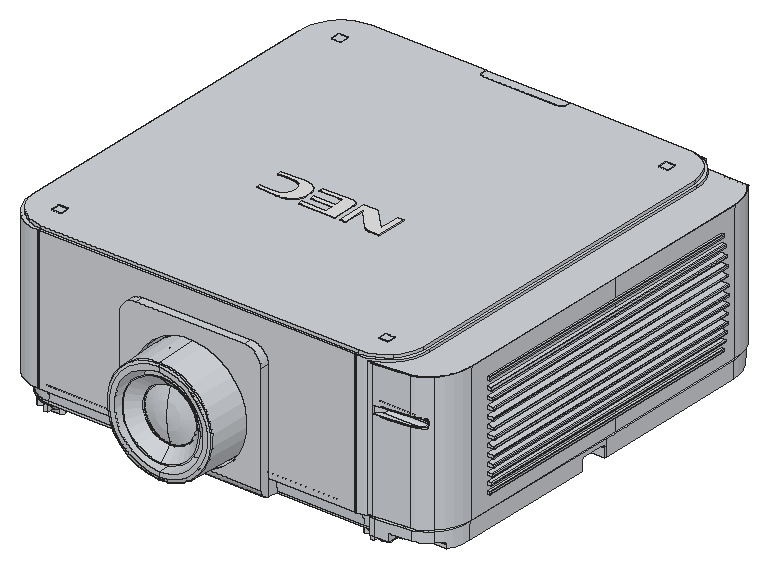
Revit family "PX602UL", category Generic Models, Revit 2012 (continued)
Forms (in)
  Extrusion 19, void
    sketch origin (0, 0, 0) x (1, 0, 0) y (0, 1, 0)
      loop
        line (7.63516, 1.75846) -> (7.64078, 1.38429)
        arc (7.64078, 1.38429) -> (7.6505, 1.36155) -> (7.67339, 1.35217) r 0.03261
        line (7.67339, 1.35217) -> (8.04145, 1.35217)
        spline (8.04145, 1.35217) -> (8.04655, 1.35251) -> (8.05156, 1.3535) -> (8.05639, 1.35514) -> (8.06096, 1.35739) -> (8.06519, 1.36022) -> (8.06902, 1.36357) -> (8.07238, 1.3674) -> (8.07521, 1.37164) -> (8.07746, 1.37621) -> (8.0791, 1.38104) -> (8.08009, 1.38605) -> (8.08043, 1.39114)
        line (8.08043, 1.39114) -> (8.07493, 1.75732)
        arc (8.07493, 1.75732) -> (8.06279, 1.78572) -> (8.03421, 1.79744) r 0.04073
      loop
        line (-7.61969, 1.39114) -> (-7.62518, 1.75703)
        arc (-7.62518, 1.75703) -> (-7.64346, 1.7998) -> (-7.6865, 1.81744) r 0.06133
        line (-7.6865, 1.81744) -> (-8.04598, 1.81744)
        spline (-8.04598, 1.81744) -> (-8.05369, 1.81693) -> (-8.06126, 1.81543) -> (-8.06856, 1.81295) -> (-8.07548, 1.80954) -> (-8.08189, 1.80526) -> (-8.08769, 1.80017) -> (-8.09278, 1.79438) -> (-8.09706, 1.78796) -> (-8.10047, 1.78104) -> (-8.10295, 1.77374) -> (-8.10445, 1.76617) -> (-8.10496, 1.75846)
        line (-8.10496, 1.75846) -> (-8.09936, 1.38538)
        arc (-8.09936, 1.38538) -> (-8.08325, 1.34771) -> (-8.04535, 1.33217) r 0.05402
        line (-8.04535, 1.33217) -> (-7.67866, 1.33217)
        spline (-7.67866, 1.33217) -> (-7.67096, 1.33267) -> (-7.66339, 1.33418) -> (-7.65608, 1.33666) -> (-7.64916, 1.34007) -> (-7.64275, 1.34435) -> (-7.63695, 1.34943) -> (-7.63187, 1.35523) -> (-7.62759, 1.36164) -> (-7.62418, 1.36856) -> (-7.6217, 1.37587) -> (-7.62019, 1.38344) -> (-7.61969, 1.39114)
      loop
        line (-7.68591, 1.79744) -> (-8.04598, 1.79744)
        spline (-8.04598, 1.79744) -> (-8.05108, 1.7971) -> (-8.05608, 1.79611) -> (-8.06091, 1.79447) -> (-8.06548, 1.79222) -> (-8.06972, 1.78939) -> (-8.07355, 1.78603) -> (-8.07691, 1.7822) -> (-8.07973, 1.77797) -> (-8.08199, 1.7734) -> (-8.08362, 1.76857) -> (-8.08462, 1.76356) -> (-8.08495, 1.75846)
        line (-8.08495, 1.75846) -> (-8.07934, 1.38429)
        arc (-8.07934, 1.38429) -> (-8.06962, 1.36155) -> (-8.04673, 1.35217) r 0.03261
        line (-8.04673, 1.35217) -> (-7.67866, 1.35217)
        spline (-7.67866, 1.35217) -> (-7.67357, 1.35251) -> (-7.66856, 1.3535) -> (-7.66373, 1.35514) -> (-7.65916, 1.35739) -> (-7.65493, 1.36022) -> (-7.6511, 1.36357) -> (-7.64774, 1.3674) -> (-7.64491, 1.37164) -> (-7.64266, 1.37621) -> (-7.64102, 1.38104) -> (-7.64003, 1.38605) -> (-7.63969, 1.39114)
        line (-7.63969, 1.39114) -> (-7.64519, 1.75732)
        arc (-7.64519, 1.75732) -> (-7.65733, 1.78572) -> (-7.68591, 1.79744) r 0.04073
      loop
        line (-7.61575, 18.2061) -> (-7.62124, 18.57199)
        arc (-7.62124, 18.57199) -> (-7.63952, 18.61476) -> (-7.68256, 18.6324) r 0.06133
        line (-7.68256, 18.6324) -> (-8.04205, 18.6324)
        spline (-8.04205, 18.6324) -> (-8.04975, 18.63189) -> (-8.05732, 18.63039) -> (-8.06463, 18.62791) -> (-8.07154, 18.6245) -> (-8.07796, 18.62022) -> (-8.08376, 18.61513) -> (-8.08884, 18.60934) -> (-8.09312, 18.60292) -> (-8.09653, 18.596) -> (-8.09901, 18.5887) -> (-8.10052, 18.58113) -> (-8.10102, 18.57342)
        line (-8.10102, 18.57342) -> (-8.09542, 18.20034)
        arc (-8.09542, 18.20034) -> (-8.07932, 18.16267) -> (-8.04141, 18.14713) r 0.05402
        line (-8.04141, 18.14713) -> (-7.67473, 18.14713)
        spline (-7.67473, 18.14713) -> (-7.66702, 18.14763) -> (-7.65945, 18.14914) -> (-7.65215, 18.15162) -> (-7.64523, 18.15503) -> (-7.63881, 18.15931) -> (-7.63302, 18.16439) -> (-7.62793, 18.17019) -> (-7.62365, 18.1766) -> (-7.62024, 18.18352) -> (-7.61776, 18.19083) -> (-7.61626, 18.1984) -> (-7.61575, 18.2061)
      loop
        line (-7.68197, 18.6124) -> (-8.04205, 18.6124)
        spline (-8.04205, 18.6124) -> (-8.04714, 18.61206) -> (-8.05215, 18.61107) -> (-8.05698, 18.60943) -> (-8.06155, 18.60718) -> (-8.06578, 18.60435) -> (-8.06961, 18.60099) -> (-8.07297, 18.59716) -> (-8.0758, 18.59293) -> (-8.07805, 18.58836) -> (-8.07969, 18.58353) -> (-8.08068, 18.57852) -> (-8.08102, 18.57343)
        line (-8.08102, 18.57343) -> (-8.0754, 18.19925)
        arc (-8.0754, 18.19925) -> (-8.06568, 18.17651) -> (-8.04279, 18.16713) r 0.03261
        line (-8.04279, 18.16713) -> (-7.67473, 18.16713)
        spline (-7.67473, 18.16713) -> (-7.66963, 18.16747) -> (-7.66462, 18.16846) -> (-7.6598, 18.1701) -> (-7.65523, 18.17235) -> (-7.65099, 18.17518) -> (-7.64716, 18.17854) -> (-7.6438, 18.18237) -> (-7.64097, 18.1866) -> (-7.63872, 18.19117) -> (-7.63708, 18.196) -> (-7.63609, 18.20101) -> (-7.63575, 18.2061)
        line (-7.63575, 18.2061) -> (-7.64125, 18.57228)
        arc (-7.64125, 18.57228) -> (-7.65339, 18.60068) -> (-7.68197, 18.6124) r 0.04073
      loop
        arc (-1.79676, 19.46232) -> (-1.93197, 19.52626) -> (-1.98693, 19.66535) r 0.20347
        line (-1.98693, 19.66535) -> (-1.98693, 20.03937) -> (-2.02693, 20.03937) -> (-2.02693, 19.66535)
        arc (-2.02693, 19.66535) -> (-1.96069, 19.49842) -> (-1.79801, 19.42232) r 0.24347
        line (-1.79801, 19.42232) -> (1.76892, 19.42232)
        arc (1.76892, 19.42232) -> (1.94064, 19.47942) -> (2.02553, 19.63924) r 0.24347
        line (2.02553, 19.63924) -> (2.02368, 20.03937) -> (1.98368, 20.03937) -> (1.98552, 19.6414)
        arc (1.98552, 19.6414) -> (1.9235, 19.51774) -> (1.79676, 19.46232) r 0.20347
        line (1.79676, 19.46232) -> (-1.79676, 19.46232)
    from 7.88583 to 8.68365
  Extrusion 20, void
    sketch origin (0, 0, 0) x (1, 0, 0) y (0, 0, 1)
      loop
        line (8.20807, 7.89363) -> (8.20807, 2.34116) -> (10.60515, 2.383)
        arc (10.60515, 2.383) -> (10.77909, 2.45774) -> (10.85078, 2.63296) r 0.25
        line (10.85078, 2.63296) -> (10.85078, 7.55992)
        arc (10.85078, 7.55992) -> (10.78062, 7.73359) -> (10.60951, 7.80977) r 0.25
        line (10.60951, 7.80977) -> (8.20807, 7.89363)
    from -20.19187 to -19.37647
  Extrusion 21, solid
    sketch origin (0, 0, 0) x (1, 0, 0) y (0, 1, 0)
      loop
        line (8.43945, 19.99937) -> (8.39945, 19.99937) -> (8.39945, 19.85466)
        arc (8.39945, 19.85466) -> (8.4195, 19.84516) -> (8.43945, 19.83544) r 1.9685
        line (8.43945, 19.83544) -> (8.43945, 19.99937)
    from 8.00394 to 8.44766
  Extrusion 22, solid
    sketch origin (0, 0, 0) x (0, 1, 0) y (0, 0, 1)
      loop
        line (19.45669, 8.4316) -> (19.41669, 8.4316) -> (19.41669, 8.1612)
        spline (19.41669, 8.1612) -> (19.41839, 8.13544) -> (19.42342, 8.11013) -> (19.4317, 8.08569) -> (19.44311, 8.06255) -> (19.45744, 8.04109) -> (19.47444, 8.02169) -> (19.49385, 8.00469) -> (19.51531, 7.99035) -> (19.53845, 7.97894) -> (19.56288, 7.97066) -> (19.5882, 7.96563) -> (19.61396, 7.96394)
        line (19.61396, 7.96394) -> (20.03516, 7.96394) -> (20.03516, 8.00394) -> (19.61396, 8.00394)
        spline (19.61396, 8.00394) -> (19.59341, 8.00528) -> (19.57323, 8.00929) -> (19.55374, 8.0159) -> (19.53529, 8.02499) -> (19.51819, 8.03641) -> (19.50273, 8.04997) -> (19.48917, 8.06543) -> (19.47775, 8.08254) -> (19.46866, 8.10099) -> (19.46205, 8.12047) -> (19.45804, 8.14066) -> (19.45669, 8.1612)
        line (19.45669, 8.1612) -> (19.45669, 8.4316)
    from 8.43945 to 11.05244
  Extrusion 23, void
    sketch origin (0, 0, 0) x (1, 0, 0) y (0, 1, 0)
      loop
        line (10.95724, 19.41669) -> (11.05244, 19.41669) -> (11.05244, 20.03516) -> (8.66351, 20.03516)
        arc (8.66351, 20.03516) -> (9.3974, 19.98738) -> (10.12622, 19.88887) r 10.60873
        arc (10.12622, 19.88887) -> (10.58319, 19.72575) -> (10.95724, 19.41669) r 1.40265
    from 7.91293 to 8.45044
  Extrusion 24, void
    sketch origin (0, 0, 0) x (1, 0, 0) y (0, 0, 1)
      loop
        line (1.78395, 7.68898) -> (-1.78298, 7.68898) -> (-1.78298, 7.64898) -> (1.78395, 7.64898) -> (1.78395, 7.68898)
    from -20.23011 to -19.88189
  Extrusion 25, void
    sketch origin (0, 0, 0) x (1, 0, 0) y (0, 0, 1)
      loop
        line (-9.98329, 7.48031) -> (-9.98329, 7.44094) -> (9.47687, 7.44094) -> (9.47687, 7.48031) -> (-9.98329, 7.48031)
    from -20.19187 to -18
  Extrusion 26, void
    sketch origin (0, 0, 0) x (1, 0, 0) y (0, 0, 1)
      loop
        line (1.58758, 7.27611) -> (-7.59447, 7.27611)
        arc (-7.59447, 7.27611) -> (-7.81719, 7.18386) -> (-7.90944, 6.96115) r 0.31496
        line (-7.90944, 6.96115) -> (-7.90944, 3.86173)
        arc (-7.90944, 3.86173) -> (-7.81719, 3.63902) -> (-7.59447, 3.54677) r 0.31496
        line (-7.59447, 3.54677) -> (1.58758, 3.54677)
        arc (1.58758, 3.54677) -> (1.81029, 3.63902) -> (1.90254, 3.86173) r 0.31496
        line (1.90254, 3.86173) -> (1.90254, 6.96115)
        arc (1.90254, 6.96115) -> (1.81029, 7.18386) -> (1.58758, 7.27611) r 0.31496
      loop
        line (-6.70407, 3.05762) -> (-6.70407, 2.18636)
        arc (-6.70407, 2.18636) -> (-6.66563, 2.09356) -> (-6.57283, 2.05512) r 0.13124
        line (-6.57283, 2.05512) -> (-5.26554, 2.05512)
        arc (-5.26554, 2.05512) -> (-5.18032, 2.09042) -> (-5.14502, 2.17564) r 0.12052
        line (-5.14502, 2.17564) -> (-5.14502, 3.04993)
        arc (-5.14502, 3.04993) -> (-5.18344, 3.14268) -> (-5.27619, 3.1811) r 0.13117
        line (-5.27619, 3.1811) -> (-6.58059, 3.1811)
        arc (-6.58059, 3.1811) -> (-6.6679, 3.14494) -> (-6.70407, 3.05762) r 0.12348
      loop
        circle (7.0871, 7.79528) r 0.15748
      loop
        circle (7.0871, 2.32283) r 0.17717
      loop
        circle (7.0871, 2.32283) r 0.0748
      loop
        circle (7.0871, 7.79528) r 0.0748
      loop
        circle (0.00049, 2.32283) r 0.17717
      loop
        circle (0.00049, 2.32283) r 0.09445
      loop
        arc (-0.82825, 2.22638) -> (-0.80041, 2.23791) -> (-0.78888, 2.26575) r 0.03937
        line (-0.78888, 2.26575) -> (-0.78888, 2.30512)
        arc (-0.78888, 2.30512) -> (-0.80041, 2.33296) -> (-0.82825, 2.34449) r 0.03937
        line (-0.82825, 2.34449) -> (-1.0251, 2.34449)
        arc (-1.0251, 2.34449) -> (-1.05294, 2.33296) -> (-1.06447, 2.30512) r 0.03937
        line (-1.06447, 2.30512) -> (-1.06447, 2.26575)
        arc (-1.06447, 2.26575) -> (-1.05294, 2.23791) -> (-1.0251, 2.22638) r 0.03937
        line (-1.0251, 2.22638) -> (-0.82825, 2.22638)
      loop
        circle (-7.08613, 2.32283) r 0.17717
      loop
        circle (-7.08613, 2.32283) r 0.0748
      loop
        circle (-7.08613, 7.79528) r 0.15748
      loop
        circle (-7.08613, 7.79528) r 0.0748
    from -20.19851 to -19.72734
  Extrusion 27, solid
    sketch origin (0, 0, 0) x (1, 0, 0) y (0, 0, 1)
      loop
        line (1.88254, 3.86173) -> (1.88254, 6.96115)
        arc (1.88254, 6.96115) -> (1.79615, 7.16972) -> (1.58758, 7.25611) r 0.29496
        line (1.58758, 7.25611) -> (-7.59447, 7.25611)
        arc (-7.59447, 7.25611) -> (-7.80304, 7.16972) -> (-7.88944, 6.96115) r 0.29496
        line (-7.88944, 6.96115) -> (-7.88944, 3.86173)
        arc (-7.88944, 3.86173) -> (-7.80304, 3.65316) -> (-7.59447, 3.56677) r 0.29496
        line (-7.59447, 3.56677) -> (1.58758, 3.56677)
        arc (1.58758, 3.56677) -> (1.79615, 3.65316) -> (1.88254, 3.86173) r 0.29496
      loop
        line (-6.77508, 4.01086) -> (0.73665, 4.01086)
        arc (0.73665, 4.01086) -> (0.98236, 4.11262) -> (1.08411, 4.35827) r 0.3474
        line (1.08411, 4.35827) -> (1.08411, 5.09843)
        arc (1.08411, 5.09843) -> (0.98236, 5.34407) -> (0.73671, 5.44582) r 0.3474
        line (0.73671, 5.44582) -> (-6.7751, 5.44583)
        arc (-6.7751, 5.44583) -> (-7.02075, 5.34407) -> (-7.1225, 5.09843) r 0.3474
        line (-7.1225, 5.09843) -> (-7.12251, 4.35827)
        arc (-7.12251, 4.35827) -> (-7.02075, 4.11262) -> (-6.77508, 4.01086) r 0.3474
      loop
        line (-7.09006, 5.09703) -> (-7.09006, 4.35716)
        arc (-7.09006, 4.35716) -> (-6.99814, 4.13523) -> (-6.77621, 4.04331) r 0.31386
        line (-6.77621, 4.04331) -> (0.74062, 4.04331)
        arc (0.74062, 4.04331) -> (0.96057, 4.13441) -> (1.05167, 4.35435) r 0.31104
        line (1.05167, 4.35435) -> (1.05167, 5.09739)
        arc (1.05167, 5.09739) -> (0.95912, 5.32083) -> (0.73567, 5.41339) r 0.31599
        line (0.73567, 5.41339) -> (-6.7737, 5.41339)
        arc (-6.7737, 5.41339) -> (-6.9974, 5.32073) -> (-7.09006, 5.09703) r 0.31636
      loop
        circle (0.76033, 4.70866) r 0.15748
      loop
        circle (0.76033, 4.70866) r 0.1378
      loop
        circle (0.76033, 4.70866) r 0.08268
      loop
        circle (-6.79872, 4.70866) r 0.15748
      loop
        circle (-6.79872, 4.70866) r 0.1378
      loop
        circle (-6.79872, 4.70866) r 0.0689
      loop
        line (1.49358, 6.08627) -> (1.49358, 6.65279)
        arc (1.49358, 6.65279) -> (1.47728, 6.69214) -> (1.43792, 6.70844) r 0.05566
        line (1.43792, 6.70844) -> (0.78732, 6.70844)
        arc (0.78732, 6.70844) -> (0.74528, 6.69103) -> (0.72787, 6.64899) r 0.05945
        line (0.72787, 6.64899) -> (0.72787, 6.08767)
        arc (0.72787, 6.08767) -> (0.74541, 6.04532) -> (0.78776, 6.02778) r 0.05989
        line (0.78776, 6.02778) -> (1.43509, 6.02778)
        arc (1.43509, 6.02778) -> (1.47645, 6.04491) -> (1.49358, 6.08627) r 0.05849
      loop
        line (-0.6951, 7.18974) -> (-3.49004, 7.18974)
        arc (-3.49004, 7.18974) -> (-3.59124, 7.14783) -> (-3.63315, 7.04663) r 0.14311
        line (-3.63315, 7.04663) -> (-3.63315, 6.78342)
        arc (-3.63315, 6.78342) -> (-3.59724, 6.69661) -> (-3.5105, 6.66052) r 0.1229
        line (-3.5105, 6.66052) -> (-0.69129, 6.65474)
        arc (-0.69129, 6.65474) -> (-0.59483, 6.69452) -> (-0.55485, 6.7909) r 0.13616
        line (-0.55485, 6.7909) -> (-0.55485, 7.04949)
        arc (-0.55485, 7.04949) -> (-0.59593, 7.14866) -> (-0.6951, 7.18974) r 0.14025
      loop
        line (-0.69629, 7.16634) -> (-3.49171, 7.16634)
        spline (-3.49171, 7.16634) -> (-3.50712, 7.16533) -> (-3.52227, 7.16232) -> (-3.53689, 7.15736) -> (-3.55074, 7.15053) -> (-3.56358, 7.14195) -> (-3.57518, 7.13177) -> (-3.58536, 7.12017) -> (-3.59394, 7.10733) -> (-3.60077, 7.09348) -> (-3.60573, 7.07886) -> (-3.60874, 7.06371) -> (-3.60975, 7.0483)
        line (-3.60975, 7.0483) -> (-3.60975, 6.79619)
        spline (-3.60975, 6.79619) -> (-3.60874, 6.78078) -> (-3.60573, 6.76563) -> (-3.60077, 6.75101) -> (-3.59394, 6.73716) -> (-3.58536, 6.72432) -> (-3.57518, 6.71271) -> (-3.56358, 6.70254) -> (-3.55074, 6.69396) -> (-3.53689, 6.68713) -> (-3.52227, 6.68217) -> (-3.50712, 6.67916) -> (-3.49171, 6.67815)
        line (-3.49171, 6.67815) -> (-0.69629, 6.67815)
        spline (-0.69629, 6.67815) -> (-0.68088, 6.67916) -> (-0.66573, 6.68217) -> (-0.65111, 6.68713) -> (-0.63726, 6.69396) -> (-0.62442, 6.70254) -> (-0.61282, 6.71271) -> (-0.60264, 6.72432) -> (-0.59406, 6.73716) -> (-0.58723, 6.75101) -> (-0.58227, 6.76563) -> (-0.57926, 6.78078) -> (-0.57825, 6.79619)
        line (-0.57825, 6.79619) -> (-0.57825, 7.0483)
        spline (-0.57825, 7.0483) -> (-0.57926, 7.06371) -> (-0.58227, 7.07886) -> (-0.58723, 7.09348) -> (-0.59406, 7.10733) -> (-0.60264, 7.12017) -> (-0.61282, 7.13177) -> (-0.62442, 7.14195) -> (-0.63726, 7.15053) -> (-0.65111, 7.15736) -> (-0.66573, 7.16232) -> (-0.68088, 7.16533) -> (-0.69629, 7.16634)
      loop
        line (-0.71605, 7.07579) -> (-1.3066, 7.07579)
        arc (-1.3066, 7.07579) -> (-1.33444, 7.06426) -> (-1.34597, 7.03642) r 0.03937
        line (-1.34597, 7.03642) -> (-1.34597, 6.80807)
        arc (-1.34597, 6.80807) -> (-1.33444, 6.78023) -> (-1.3066, 6.7687) r 0.03937
        line (-1.3066, 6.7687) -> (-0.71605, 6.7687)
        arc (-0.71605, 6.7687) -> (-0.68821, 6.78023) -> (-0.67668, 6.80807) r 0.03937
        line (-0.67668, 6.80807) -> (-0.67668, 7.03642)
        arc (-0.67668, 7.03642) -> (-0.68821, 7.06426) -> (-0.71605, 7.07579) r 0.03937
      loop
        arc (-3.35384, 7.07579) -> (-3.38168, 7.06426) -> (-3.39321, 7.03642) r 0.03937
        line (-3.39321, 7.03642) -> (-3.39321, 6.80807)
        arc (-3.39321, 6.80807) -> (-3.38168, 6.78023) -> (-3.35384, 6.7687) r 0.03937
        line (-3.35384, 6.7687) -> (-2.76329, 6.7687)
        arc (-2.76329, 6.7687) -> (-2.73545, 6.78023) -> (-2.72392, 6.80807) r 0.03937
        line (-2.72392, 6.80807) -> (-2.72392, 7.03642)
        arc (-2.72392, 7.03642) -> (-2.73545, 7.06426) -> (-2.76329, 7.07579) r 0.03937
        line (-2.76329, 7.07579) -> (-3.35384, 7.07579)
      loop
        circle (-1.01132, 6) r 0.25962
      loop
        circle (-1.01132, 6) r 0.23828
      loop
        circle (-1.01132, 6) r 0.15748
      loop
        circle (-1.01132, 6) r 0.1378
      loop
        circle (-1.01132, 6) r 0.09055
      loop
        line (-1.4624, 6.29899) -> (-2.94828, 6.29899)
        arc (-2.94828, 6.29899) -> (-3.27963, 6.2295) -> (-3.36143, 5.90097) r 0.31867
        line (-3.36143, 5.90097) -> (-3.43663, 5.82198)
        arc (-3.43663, 5.82198) -> (-3.4317, 5.62191) -> (-3.23162, 5.62684) r 0.14151
        line (-3.23162, 5.62684) -> (-3.163, 5.69893)
        arc (-3.163, 5.69893) -> (-3.05546, 5.68134) -> (-2.94828, 5.70101) r 0.31867
        line (-2.94828, 5.70101) -> (-1.46108, 5.70101)
        arc (-1.46108, 5.70101) -> (-1.39097, 5.73004) -> (-1.36193, 5.80015) r 0.09915
        line (-1.36193, 5.80015) -> (-1.36193, 6.19853)
        arc (-1.36193, 6.19853) -> (-1.39136, 6.26957) -> (-1.4624, 6.29899) r 0.10047
      loop
        line (-1.46403, 6.27559) -> (-2.60547, 6.27559)
        spline (-2.60547, 6.27559) -> (-2.61574, 6.27492) -> (-2.62584, 6.27291) -> (-2.63559, 6.2696) -> (-2.64482, 6.26505) -> (-2.65338, 6.25933) -> (-2.66111, 6.25255) -> (-2.6679, 6.24481) -> (-2.67362, 6.23625) -> (-2.67817, 6.22702) -> (-2.68148, 6.21727) -> (-2.68348, 6.20717) -> (-2.68416, 6.1969)
        line (-2.68416, 6.1969) -> (-2.68416, 5.8031)
        spline (-2.68416, 5.8031) -> (-2.68348, 5.79283) -> (-2.68148, 5.78273) -> (-2.67817, 5.77298) -> (-2.67362, 5.76375) -> (-2.6679, 5.75519) -> (-2.66111, 5.74745) -> (-2.65338, 5.74067) -> (-2.64482, 5.73495) -> (-2.63559, 5.7304) -> (-2.62584, 5.72709) -> (-2.61574, 5.72508) -> (-2.60547, 5.72441)
        line (-2.60547, 5.72441) -> (-1.46403, 5.72441)
        spline (-1.46403, 5.72441) -> (-1.45376, 5.72508) -> (-1.44366, 5.72709) -> (-1.43391, 5.7304) -> (-1.42468, 5.73495) -> (-1.41612, 5.74067) -> (-1.40838, 5.74745) -> (-1.4016, 5.75519) -> (-1.39588, 5.76375) -> (-1.39133, 5.77298) -> (-1.38802, 5.78273) -> (-1.38601, 5.79283) -> (-1.38534, 5.8031)
        line (-1.38534, 5.8031) -> (-1.38534, 6.1969)
        spline (-1.38534, 6.1969) -> (-1.38601, 6.20717) -> (-1.38802, 6.21727) -> (-1.39133, 6.22702) -> (-1.39588, 6.23625) -> (-1.4016, 6.24481) -> (-1.40838, 6.25255) -> (-1.41612, 6.25933) -> (-1.42468, 6.26505) -> (-1.43391, 6.2696) -> (-1.44366, 6.27291) -> (-1.45376, 6.27492) -> (-1.46403, 6.27559)
      loop
        circle (-1.54282, 6) r 0.0689
      loop
        circle (-1.54282, 6) r 0.04245
      loop
        arc (-1.68527, 6.1983) -> (-1.6985, 6.22233) -> (-1.72421, 6.23189) r 0.03937
        line (-1.72421, 6.23189) -> (-2.34528, 6.23189)
        arc (-2.34528, 6.23189) -> (-2.37099, 6.22233) -> (-2.38423, 6.1983) r 0.03937
        line (-2.38423, 6.1983) -> (-2.44143, 5.81327)
        arc (-2.44143, 5.81327) -> (-2.4323, 5.78177) -> (-2.40248, 5.76811) r 0.03937
        line (-2.40248, 5.76811) -> (-1.66701, 5.76811)
        arc (-1.66701, 5.76811) -> (-1.6372, 5.78177) -> (-1.62807, 5.81327) r 0.03937
        line (-1.62807, 5.81327) -> (-1.68527, 6.1983)
      loop
        circle (-2.52668, 6) r 0.0689
      loop
        circle (-2.52668, 6) r 0.04245
      loop
        circle (-1.01132, 6.56791) r 0.06809
      loop
        circle (-1.01132, 6.56791) r 0.04841
      loop
        circle (-3.05871, 6.56319) r 0.06809
      loop
        circle (-3.05871, 6.56319) r 0.04841
      loop
        circle (-3.93652, 6.33858) r 0.14567
      loop
        circle (-3.93652, 6.33858) r 0.1378
      loop
        circle (-3.93652, 6.33858) r 0.09651
      loop
        circle (-3.93652, 6.33858) r 0.0748
      loop
        line (-4.4755, 6.27931) -> (-7.31014, 6.27931)
        arc (-7.31014, 6.27931) -> (-7.58945, 6) -> (-7.31014, 5.72069) r 0.27931
        line (-7.31014, 5.72069) -> (-7.10554, 5.72069)
        arc (-7.10554, 5.72069) -> (-6.94833, 5.52384) -> (-6.79112, 5.72069) r 0.1612
        line (-6.79112, 5.72069) -> (-4.4755, 5.72069)
        arc (-4.4755, 5.72069) -> (-4.19619, 6) -> (-4.4755, 6.27931) r 0.27931
      loop
        line (-5.15824, 7.09919) -> (-6.30615, 7.09919)
        arc (-6.30615, 7.09919) -> (-6.37855, 7.0692) -> (-6.40855, 6.99679) r 0.1024
        line (-6.40855, 6.99679) -> (-6.40855, 6.59206)
        arc (-6.40855, 6.59206) -> (-6.38194, 6.52781) -> (-6.31769, 6.5012) r 0.09085
        line (-6.31769, 6.5012) -> (-5.16011, 6.5012)
        arc (-5.16011, 6.5012) -> (-5.09139, 6.52967) -> (-5.06292, 6.59839) r 0.09719
        line (-5.06292, 6.59839) -> (-5.06292, 7.00387)
        arc (-5.06292, 7.00387) -> (-5.09084, 7.07127) -> (-5.15824, 7.09919) r 0.09532
      loop
        line (-6.38514, 6.9971) -> (-6.38514, 6.6033)
        spline (-6.38514, 6.6033) -> (-6.38447, 6.59302) -> (-6.38246, 6.58293) -> (-6.37915, 6.57318) -> (-6.3746, 6.56394) -> (-6.36888, 6.55539) -> (-6.3621, 6.54765) -> (-6.35436, 6.54086) -> (-6.3458, 6.53515) -> (-6.33657, 6.53059) -> (-6.32682, 6.52729) -> (-6.31672, 6.52528) -> (-6.30645, 6.52461)
        line (-6.30645, 6.52461) -> (-5.16501, 6.52461)
        spline (-5.16501, 6.52461) -> (-5.15474, 6.52528) -> (-5.14464, 6.52729) -> (-5.13489, 6.53059) -> (-5.12566, 6.53515) -> (-5.1171, 6.54086) -> (-5.10937, 6.54765) -> (-5.10258, 6.55539) -> (-5.09686, 6.56394) -> (-5.09231, 6.57318) -> (-5.089, 6.58293) -> (-5.087, 6.59302) -> (-5.08632, 6.6033)
        line (-5.08632, 6.6033) -> (-5.08632, 6.9971)
        spline (-5.08632, 6.9971) -> (-5.087, 7.00737) -> (-5.089, 7.01747) -> (-5.09231, 7.02722) -> (-5.09686, 7.03645) -> (-5.10258, 7.04501) -> (-5.10937, 7.05274) -> (-5.1171, 7.05953) -> (-5.12566, 7.06525) -> (-5.13489, 7.0698) -> (-5.14464, 7.07311) -> (-5.15474, 7.07511) -> (-5.16501, 7.07579)
        line (-5.16501, 7.07579) -> (-6.30645, 7.07579)
        spline (-6.30645, 7.07579) -> (-6.31672, 7.07511) -> (-6.32682, 7.07311) -> (-6.33657, 7.0698) -> (-6.3458, 7.06525) -> (-6.35436, 7.05953) -> (-6.3621, 7.05274) -> (-6.36888, 7.04501) -> (-6.3746, 7.03645) -> (-6.37915, 7.02722) -> (-6.38246, 7.01747) -> (-6.38447, 7.00737) -> (-6.38514, 6.9971)
      loop
        arc (-5.39725, 6.97018) -> (-5.41066, 6.99366) -> (-5.43606, 7.00295) r 0.03937
        line (-5.43606, 7.00295) -> (-6.05855, 7.00295)
        arc (-6.05855, 7.00295) -> (-6.08395, 6.99366) -> (-6.09736, 6.97018) r 0.03937
        line (-6.09736, 6.97018) -> (-6.15289, 6.64341)
        arc (-6.15289, 6.64341) -> (-6.14415, 6.61141) -> (-6.11407, 6.59744) r 0.03937
        line (-6.11407, 6.59744) -> (-5.38055, 6.59744)
        arc (-5.38055, 6.59744) -> (-5.35047, 6.61141) -> (-5.34173, 6.64341) r 0.03937
        line (-5.34173, 6.64341) -> (-5.39725, 6.97018)
      loop
        circle (-5.2438, 6.8002) r 0.0689
      loop
        circle (-5.2438, 6.8002) r 0.04245
      loop
        circle (-6.2277, 6.79843) r 0.0689
      loop
        circle (-6.22766, 6.79844) r 0.04245
      loop
        line (-7.02335, 6.4516) -> (-7.02335, 7.04966)
        arc (-7.02335, 7.04966) -> (-7.06409, 7.14802) -> (-7.16245, 7.18876) r 0.1391
        line (-7.16245, 7.18876) -> (-7.44474, 7.18876)
        arc (-7.44474, 7.18876) -> (-7.54178, 7.14857) -> (-7.58197, 7.05153) r 0.13723
        line (-7.58197, 7.05153) -> (-7.58197, 6.44863)
        arc (-7.58197, 6.44863) -> (-7.54288, 6.35427) -> (-7.44852, 6.31518) r 0.13346
        line (-7.44852, 6.31518) -> (-7.15977, 6.31518)
        arc (-7.15977, 6.31518) -> (-7.06331, 6.35513) -> (-7.02335, 6.4516) r 0.13642
      loop
        spline (-7.04469, 7.04938) -> (-7.0457, 7.06479) -> (-7.04871, 7.07994) -> (-7.05368, 7.09456) -> (-7.0605, 7.10841) -> (-7.06908, 7.12125) -> (-7.07926, 7.13285) -> (-7.09086, 7.14303) -> (-7.1037, 7.15161) -> (-7.11755, 7.15843) -> (-7.13217, 7.1634) -> (-7.14732, 7.16641) -> (-7.16273, 7.16742)
        line (-7.16273, 7.16742) -> (-7.44259, 7.16742)
        spline (-7.44259, 7.16742) -> (-7.458, 7.16641) -> (-7.47315, 7.1634) -> (-7.48777, 7.15843) -> (-7.50162, 7.15161) -> (-7.51446, 7.14303) -> (-7.52607, 7.13285) -> (-7.53624, 7.12125) -> (-7.54482, 7.10841) -> (-7.55165, 7.09456) -> (-7.55661, 7.07994) -> (-7.55962, 7.06479) -> (-7.56063, 7.04938)
        line (-7.56063, 7.04938) -> (-7.56063, 6.45456)
        spline (-7.56063, 6.45456) -> (-7.55962, 6.43915) -> (-7.55661, 6.424) -> (-7.55165, 6.40938) -> (-7.54482, 6.39553) -> (-7.53624, 6.38269) -> (-7.52607, 6.37108) -> (-7.51446, 6.36091) -> (-7.50162, 6.35233) -> (-7.48777, 6.3455) -> (-7.47315, 6.34054) -> (-7.458, 6.33753) -> (-7.44259, 6.33652)
        line (-7.44259, 6.33652) -> (-7.16273, 6.33652)
        spline (-7.16273, 6.33652) -> (-7.14732, 6.33753) -> (-7.13217, 6.34054) -> (-7.11755, 6.3455) -> (-7.1037, 6.35233) -> (-7.09086, 6.36091) -> (-7.07926, 6.37108) -> (-7.06908, 6.38269) -> (-7.0605, 6.39553) -> (-7.05368, 6.40938) -> (-7.04871, 6.424) -> (-7.0457, 6.43915) -> (-7.04469, 6.45456)
        line (-7.04469, 6.45456) -> (-7.04469, 7.04938)
    from -19.94815 to -19.80701
  Extrusion 28, solid
    sketch origin (0, 0, 0) x (1, 0, 0) y (0, 0, 1)
      loop
        line (-5.25525, 3.16929) -> (-6.59384, 3.16929)
        arc (-6.59384, 3.16929) -> (-6.66343, 3.14046) -> (-6.69226, 3.07087) r 0.09843
        line (-6.69226, 3.07087) -> (-6.69226, 2.16535)
        arc (-6.69226, 2.16535) -> (-6.66343, 2.09576) -> (-6.59384, 2.06693) r 0.09843
        line (-6.59384, 2.06693) -> (-5.25525, 2.06693)
        arc (-5.25525, 2.06693) -> (-5.18566, 2.09576) -> (-5.15683, 2.16535) r 0.09843
        line (-5.15683, 2.16535) -> (-5.15683, 3.07087)
        arc (-5.15683, 3.07087) -> (-5.18566, 3.14046) -> (-5.25525, 3.16929) r 0.09843
      loop
        line (-6.12124, 2.94307) -> (-6.53494, 2.94307) -> (-6.53494, 2.27346) -> (-6.12124, 2.27346) -> (-6.12124, 2.94307)
    from -19.91165 to -19.88189
  Extrusion 29, solid
    sketch origin (0, 0, 0) x (1, 0, 0) y (0, 0, 1)
      loop
        line (-5.41081, 3.09055) -> (-5.87533, 3.09055) -> (-5.87533, 2.14567) -> (-5.41081, 2.14567) -> (-5.24541, 2.38189) -> (-5.24541, 2.85433) -> (-5.41081, 3.09055)
      loop
        line (-5.50852, 2.64764) -> (-5.50852, 2.58858) -> (-5.31167, 2.58858) -> (-5.31167, 2.64764) -> (-5.50852, 2.64764)
      loop
        line (-5.80474, 2.92819) -> (-5.80474, 2.86913) -> (-5.60789, 2.86913) -> (-5.60789, 2.92819) -> (-5.80474, 2.92819)
      loop
        line (-5.60789, 2.36709) -> (-5.80474, 2.36709) -> (-5.80474, 2.30803) -> (-5.60789, 2.30803) -> (-5.60789, 2.36709)
      loop
        line (-6.13124, 2.93307) -> (-6.52494, 2.93307) -> (-6.52494, 2.28346) -> (-6.13124, 2.28346) -> (-6.13124, 2.93307)
    from -20.03937 to -19.92126
  Extrusion 30, void
    sketch origin (0, 0, 0) x (0, 1, 0) y (0, 0, 1)
      loop
        line (20.03937, 2.28346) -> (20.03937, 2.93307) -> (19.92126, 2.93307)
        arc (19.92126, 2.93307) -> (19.96763, 2.60596) -> (20.03937, 2.28346) r 4.23259
    from -6.52494 to -6.13124
  Extrusion 31, solid
    sketch origin (0, 0, 0) x (1, 0, 0) y (0, 0, 1)
      loop
        line (1.4308, 6.64567) -> (0.79065, 6.64567) -> (0.79065, 6.09055) -> (1.4308, 6.09055) -> (1.4308, 6.64567)
      loop
        line (1.35206, 6.56693) -> (0.86939, 6.56693) -> (0.86939, 6.26378) -> (0.98868, 6.26378) -> (0.98868, 6.18898) -> (1.03198, 6.18898) -> (1.03198, 6.09843) -> (1.18946, 6.09843) -> (1.18946, 6.18898) -> (1.23277, 6.18898) -> (1.23277, 6.26378) -> (1.35206, 6.26378) -> (1.35206, 6.56693)
      loop
        line (1.41112, 6.24409) -> (1.25246, 6.24409) -> (1.25246, 6.12992) -> (1.41112, 6.12992) -> (1.41112, 6.24409)
      loop
        line (0.96899, 6.24409) -> (0.83002, 6.24409) -> (0.83002, 6.12992) -> (0.96899, 6.12992) -> (0.96899, 6.24409)
      loop
        arc (-0.74384, 6.97388) -> (-0.76887, 6.98886) -> (-0.78412, 7.01373) r 0.06117
        arc (-0.78412, 7.01373) -> (-0.79833, 7.02677) -> (-0.81703, 7.0315) r 0.03937
        line (-0.81703, 7.0315) -> (-1.20561, 7.0315)
        arc (-1.20561, 7.0315) -> (-1.22432, 7.02677) -> (-1.23853, 7.01372) r 0.03937
        arc (-1.23853, 7.01372) -> (-1.25635, 6.99188) -> (-1.27819, 6.97406) r 0.13947
        arc (-1.27819, 6.97406) -> (-1.29871, 6.9599) -> (-1.3066, 6.93625) r 0.03937
        line (-1.3066, 6.93625) -> (-1.3066, 6.85236)
        arc (-1.3066, 6.85236) -> (-1.29507, 6.82452) -> (-1.26723, 6.81299) r 0.03937
        line (-1.26723, 6.81299) -> (-0.75542, 6.81299)
        arc (-0.75542, 6.81299) -> (-0.72758, 6.82452) -> (-0.71605, 6.85236) r 0.03937
        line (-0.71605, 6.85236) -> (-0.71605, 6.93625)
        arc (-0.71605, 6.93625) -> (-0.72375, 6.95964) -> (-0.74384, 6.97388) r 0.03937
      loop
        line (-0.82554, 7.01181) -> (-1.19711, 7.01181)
        arc (-1.19711, 7.01181) -> (-1.21394, 7.00756) -> (-1.22674, 6.99581) r 0.03543
        arc (-1.22674, 6.99581) -> (-1.24218, 6.97302) -> (-1.26512, 6.95779) r 0.07122
        arc (-1.26512, 6.95779) -> (-1.28071, 6.94922) -> (-1.28691, 6.93254) r 0.02552
        line (-1.28691, 6.93254) -> (-1.28691, 6.85555)
        arc (-1.28691, 6.85555) -> (-1.28022, 6.83938) -> (-1.26404, 6.83268) r 0.02287
        line (-1.26404, 6.83268) -> (-0.75976, 6.83268)
        arc (-0.75976, 6.83268) -> (-0.74277, 6.83971) -> (-0.73573, 6.8567) r 0.02402
        line (-0.73573, 6.8567) -> (-0.73573, 6.93254)
        arc (-0.73573, 6.93254) -> (-0.74193, 6.94922) -> (-0.75752, 6.95779) r 0.02552
        arc (-0.75752, 6.95779) -> (-0.78046, 6.97302) -> (-0.79591, 6.99581) r 0.07122
        arc (-0.79591, 6.99581) -> (-0.8087, 7.00756) -> (-0.82554, 7.01181) r 0.03543
      loop
        arc (-1.20421, 6.94549) -> (-1.2275, 6.92228) -> (-1.20426, 6.89902) r 0.02324
        line (-1.20426, 6.89902) -> (-0.81465, 6.89902)
        arc (-0.81465, 6.89902) -> (-0.7919, 6.92174) -> (-0.8146, 6.94453) r 0.02276
        line (-0.8146, 6.94453) -> (-1.20421, 6.94549)
      loop
        line (-1.67989, 5.94473) -> (-1.70613, 6.09355)
        arc (-1.70613, 6.09355) -> (-1.74384, 6.15886) -> (-1.81469, 6.18465) r 0.11024
        line (-1.81469, 6.18465) -> (-2.2548, 6.18465)
        arc (-2.2548, 6.18465) -> (-2.32566, 6.15886) -> (-2.36336, 6.09355) r 0.11024
        line (-2.36336, 6.09355) -> (-2.3896, 5.94473)
        arc (-2.3896, 5.94473) -> (-2.36549, 5.85473) -> (-2.28104, 5.81535) r 0.11024
        line (-2.28104, 5.81535) -> (-1.78845, 5.81535)
        arc (-1.78845, 5.81535) -> (-1.70401, 5.85473) -> (-1.67989, 5.94473) r 0.11024
      loop
        circle (-1.87117, 6.05591) r 0.01969
      loop
        circle (-1.98022, 6.05591) r 0.01969
      loop
        circle (-2.08928, 6.05591) r 0.01969
      loop
        circle (-2.19833, 6.05591) r 0.01969
      loop
        circle (-2.25286, 5.94409) r 0.01969
      loop
        circle (-2.1438, 5.94409) r 0.01969
      loop
        circle (-2.03475, 5.94409) r 0.01969
      loop
        circle (-1.92569, 5.94409) r 0.01969
      loop
        circle (-1.81664, 5.94409) r 0.01969
      loop
        line (-2.74161, 7.02283) -> (-3.3735, 7.02283) -> (-3.3735, 6.83543) -> (-2.74161, 6.83543) -> (-2.74161, 7.02283)
      loop
        line (-2.80263, 6.97835) -> (-2.84263, 6.97835) -> (-2.84263, 6.94449) -> (-3.23507, 6.94449) -> (-3.23507, 6.97835) -> (-3.27507, 6.97835) -> (-3.27507, 6.91378) -> (-2.80263, 6.91378) -> (-2.80263, 6.97835)
      loop
        arc (-3.32553, 5.87391) -> (-3.32273, 5.85359) -> (-3.33205, 5.83532) r 0.03424
        line (-3.33205, 5.83532) -> (-3.38831, 5.77598)
        arc (-3.38831, 5.77598) -> (-3.3857, 5.67023) -> (-3.27994, 5.67284) r 0.0748
        line (-3.27994, 5.67284) -> (-3.2236, 5.73015)
        arc (-3.2236, 5.73015) -> (-3.20783, 5.73836) -> (-3.19025, 5.73573) r 0.02877
        arc (-3.19025, 5.73573) -> (-2.84755, 6.20657) -> (-3.32553, 5.87391) r 0.29528
      loop
        circle (-3.05853, 6) r 0.27559
      loop
        circle (-3.05853, 6) r 0.24606
      loop
        circle (-3.05853, 6) r 0.21654
      loop
        line (-3.092, 5.84612) -> (-3.092, 5.88189) -> (-3.02507, 5.88189) -> (-3.02507, 5.84612)
        arc (-3.02507, 5.84612) -> (-2.91639, 5.93222) -> (-2.9179, 6.07087) r 0.15748
        line (-2.9179, 6.07087) -> (-2.96011, 6.07087) -> (-2.96011, 6.12293)
        arc (-2.96011, 6.12293) -> (-3.05853, 6.15748) -> (-3.15696, 6.12293) r 0.15748
        line (-3.15696, 6.12293) -> (-3.15696, 6.07087) -> (-3.19917, 6.07087)
        arc (-3.19917, 6.07087) -> (-3.20068, 5.93222) -> (-3.092, 5.84612) r 0.15748
      loop
        line (-3.00932, 6.07087) -> (-3.00932, 6.12598) -> (-3.10775, 6.12598) -> (-3.10775, 6.07087) -> (-3.00932, 6.07087)
      loop
        circle (-2.96011, 6.01575) r 0.01969
      loop
        circle (-2.97979, 5.93701) r 0.01969
      loop
        circle (-3.13728, 5.93701) r 0.01969
      loop
        circle (-3.15696, 6.01575) r 0.01969
      loop
        circle (-3.33413, 5.72441) r 0.06693
      loop
        circle (-3.33413, 5.72441) r 0.04724
      loop
        line (-3.3835, 7.03283) -> (-3.3835, 6.82543) -> (-2.73161, 6.82543) -> (-2.73161, 7.03283) -> (-3.3835, 7.03283)
      loop
        circle (-4.4755, 6) r 0.23425
      loop
        circle (-4.4755, 6) r 0.18799
      loop
        circle (-4.4755, 6) r 0.15945
      loop
        circle (-4.4755, 6) r 0.07874
      loop
        circle (-4.4755, 6) r 0.01969
      loop
        circle (-5.18416, 6) r 0.23425
      loop
        circle (-5.18416, 6) r 0.18799
      loop
        circle (-5.18416, 6) r 0.15945
      loop
        circle (-5.18416, 6) r 0.07874
      loop
        circle (-5.18416, 6) r 0.01969
      loop
        circle (-5.89282, 6) r 0.23425
      loop
        circle (-5.89282, 6) r 0.18799
      loop
        circle (-5.89282, 6) r 0.15945
      loop
        circle (-5.89282, 6) r 0.07874
      loop
        circle (-5.89282, 6) r 0.01969
      loop
        circle (-6.60148, 6) r 0.23425
      loop
        circle (-6.60148, 6) r 0.18799
      loop
        circle (-6.60148, 6) r 0.15945
      loop
        circle (-6.60148, 6) r 0.07874
      loop
        circle (-6.60148, 6) r 0.01969
      loop
        circle (-7.31014, 6) r 0.23425
      loop
        circle (-7.31014, 6) r 0.18799
      loop
        circle (-7.31014, 6) r 0.15945
      loop
        circle (-7.31014, 6) r 0.07874
      loop
        circle (-7.31014, 6) r 0.01969
      loop
        line (-5.52009, 6.95571) -> (-5.95137, 6.95571)
        arc (-5.95137, 6.95571) -> (-6.00199, 6.93729) -> (-6.02892, 6.89064) r 0.07874
        line (-6.02892, 6.89064) -> (-6.05599, 6.7371)
        arc (-6.05599, 6.7371) -> (-6.03877, 6.67281) -> (-5.97845, 6.64469) r 0.07874
        line (-5.97845, 6.64469) -> (-5.49302, 6.64469)
        arc (-5.49302, 6.64469) -> (-5.4327, 6.67281) -> (-5.41547, 6.7371) r 0.07874
        line (-5.41547, 6.7371) -> (-5.44255, 6.89064)
        arc (-5.44255, 6.89064) -> (-5.46948, 6.93729) -> (-5.52009, 6.95571) r 0.07874
      loop
        circle (-5.56526, 6.87815) r 0.01378
      loop
        circle (-5.52018, 6.8002) r 0.01378
      loop
        circle (-5.56526, 6.72224) r 0.01378
      loop
        circle (-5.61034, 6.8002) r 0.01378
      loop
        circle (-5.65542, 6.87815) r 0.01378
      loop
        circle (-5.74557, 6.87815) r 0.01378
      loop
        circle (-5.83573, 6.87815) r 0.01378
      loop
        circle (-5.92589, 6.87815) r 0.01378
      loop
        circle (-5.7005, 6.8002) r 0.01378
      loop
        circle (-5.79065, 6.8002) r 0.01378
      loop
        circle (-5.88081, 6.8002) r 0.01378
      loop
        circle (-5.65542, 6.72224) r 0.01378
      loop
        circle (-5.74557, 6.72224) r 0.01378
      loop
        circle (-5.83573, 6.72224) r 0.01378
      loop
        circle (-5.92589, 6.72224) r 0.01378
      loop
        line (-7.30778, 6.54134) -> (-7.30778, 6.97835) -> (-7.35403, 6.97835)
        arc (-7.35403, 6.97835) -> (-7.37255, 6.97067) -> (-7.38022, 6.95215) r 0.02619
        line (-7.38022, 6.95215) -> (-7.38022, 6.56873)
        arc (-7.38022, 6.56873) -> (-7.3722, 6.54936) -> (-7.35283, 6.54134) r 0.02739
        line (-7.35283, 6.54134) -> (-7.30778, 6.54134)
      loop
        line (-7.3188, 6.9685) -> (-7.3504, 6.9685)
        arc (-7.3504, 6.9685) -> (-7.36453, 6.96265) -> (-7.37038, 6.94852) r 0.01998
        line (-7.37038, 6.94852) -> (-7.37038, 6.57193)
        arc (-7.37038, 6.57193) -> (-7.3643, 6.55726) -> (-7.34963, 6.55118) r 0.02075
        line (-7.34963, 6.55118) -> (-7.3188, 6.55118) -> (-7.3188, 6.9685)
      loop
        line (-7.20935, 6.51378) -> (-7.20935, 7.00591) -> (-7.41093, 7.00591) -> (-7.41093, 6.51378) -> (-7.20935, 6.51378)
      loop
        arc (-7.16764, 6.45079) -> (-7.13781, 6.46312) -> (-7.1254, 6.49292) r 0.04224
        line (-7.1254, 6.49292) -> (-7.124, 7.0418)
        arc (-7.124, 7.0418) -> (-7.13533, 7.06931) -> (-7.16281, 7.08071) r 0.03881
        line (-7.16281, 7.08071) -> (-7.44618, 7.08071)
        arc (-7.44618, 7.08071) -> (-7.46997, 7.07085) -> (-7.47983, 7.04706) r 0.03365
        line (-7.47983, 7.04706) -> (-7.47983, 6.47482)
        arc (-7.47983, 6.47482) -> (-7.47279, 6.45783) -> (-7.45579, 6.45079) r 0.02403
        line (-7.45579, 6.45079) -> (-7.16764, 6.45079)
    from -20.03937 to -19.80701
  Extrusion 32, void
    sketch origin (0, 0, 0) x (0, 1, 0) y (0, 0, 1)
      loop
        line (18.03937, 1.73228) -> (18.03937, 8.52858) -> (18, 8.52858) -> (18, 1.73228) -> (18.03937, 1.73228)
      loop
        line (16.24803, 2.10229) -> (16.24803, 2.1962)
        arc (16.24803, 2.1962) -> (16.24035, 2.21476) -> (16.22179, 2.22244) r 0.02624
        line (16.22179, 2.22244) -> (15.16716, 2.22244)
        arc (15.16716, 2.22244) -> (15.15196, 2.21615) -> (15.14567, 2.20095) r 0.02149
        line (15.14567, 2.20095) -> (15.14567, 2.09985)
        arc (15.14567, 2.09985) -> (15.15243, 2.08353) -> (15.16874, 2.07678) r 0.02307
        line (15.16874, 2.07678) -> (16.22251, 2.07678)
        arc (16.22251, 2.07678) -> (16.24056, 2.08425) -> (16.24803, 2.10229) r 0.02552
      loop
        arc (15.06693, 2.20042) -> (15.06048, 2.21599) -> (15.0449, 2.22244) r 0.02203
        line (15.0449, 2.22244) -> (13.98681, 2.22244)
        arc (13.98681, 2.22244) -> (13.97108, 2.21593) -> (13.96457, 2.2002) r 0.02225
        line (13.96457, 2.2002) -> (13.96457, 2.09839)
        arc (13.96457, 2.09839) -> (13.9709, 2.0831) -> (13.98618, 2.07678) r 0.02161
        line (13.98618, 2.07678) -> (15.04456, 2.07678)
        arc (15.04456, 2.07678) -> (15.06038, 2.08333) -> (15.06693, 2.09915) r 0.02237
        line (15.06693, 2.09915) -> (15.06693, 2.20042)
      loop
        arc (13.88583, 2.201) -> (13.87954, 2.21616) -> (13.86438, 2.22244) r 0.02145
        line (13.86438, 2.22244) -> (12.80478, 2.22244)
        arc (12.80478, 2.22244) -> (12.78971, 2.2162) -> (12.78346, 2.20113) r 0.02131
        line (12.78346, 2.20113) -> (12.78346, 2.09729)
        arc (12.78346, 2.09729) -> (12.78947, 2.08278) -> (12.80398, 2.07678) r 0.02052
        line (12.80398, 2.07678) -> (13.86296, 2.07678)
        arc (13.86296, 2.07678) -> (13.87913, 2.08347) -> (13.88583, 2.09964) r 0.02286
        line (13.88583, 2.09964) -> (13.88583, 2.201)
      loop
        arc (12.70472, 2.201) -> (12.69844, 2.21616) -> (12.68328, 2.22244) r 0.02144
        line (12.68328, 2.22244) -> (11.58151, 2.22244)
        arc (11.58151, 2.22244) -> (11.56548, 2.2158) -> (11.55884, 2.19977) r 0.02267
        line (11.55884, 2.19977) -> (11.55884, 2.09583)
        arc (11.55884, 2.09583) -> (11.56604, 2.0785) -> (11.5834, 2.07139) r 0.02444
        line (11.5834, 2.07139) -> (12.68301, 2.07677)
        arc (12.68301, 2.07677) -> (12.69837, 2.08319) -> (12.70472, 2.09858) r 0.02182
        line (12.70472, 2.09858) -> (12.70472, 2.201)
      loop
        line (11.48841, 2.10211) -> (11.48841, 2.20533)
        arc (11.48841, 2.20533) -> (11.48187, 2.22111) -> (11.46609, 2.22764) r 0.02231
        line (11.46609, 2.22764) -> (10.41449, 2.22751)
        arc (10.41449, 2.22751) -> (10.39144, 2.21795) -> (10.38189, 2.1949) r 0.03261
        line (10.38189, 2.1949) -> (10.38189, 2.09927)
        arc (10.38189, 2.09927) -> (10.38848, 2.08336) -> (10.40438, 2.07678) r 0.02249
        line (10.40438, 2.07678) -> (11.46307, 2.07678)
        arc (11.46307, 2.07678) -> (11.48098, 2.0842) -> (11.48841, 2.10211) r 0.02534
      loop
        arc (10.30315, 2.20112) -> (10.2969, 2.2162) -> (10.28183, 2.22244) r 0.02132
        line (10.28183, 2.22244) -> (9.22339, 2.22244)
        arc (9.22339, 2.22244) -> (9.20741, 2.21582) -> (9.20079, 2.19984) r 0.0226
        line (9.20079, 2.19984) -> (9.20079, 2.09824)
        arc (9.20079, 2.09824) -> (9.20707, 2.08306) -> (9.22225, 2.07678) r 0.02146
        line (9.22225, 2.07678) -> (10.28178, 2.07678)
        arc (10.28178, 2.07678) -> (10.29689, 2.08303) -> (10.30315, 2.09814) r 0.02137
        line (10.30315, 2.09814) -> (10.30315, 2.20112)
      loop
        arc (9.12205, 2.20129) -> (9.11585, 2.21625) -> (9.1009, 2.22244) r 0.02115
        line (9.1009, 2.22244) -> (8.04105, 2.22244)
        arc (8.04105, 2.22244) -> (8.02594, 2.21619) -> (8.01969, 2.20108) r 0.02137
        line (8.01969, 2.20108) -> (8.01969, 2.09778)
        arc (8.01969, 2.09778) -> (8.02584, 2.08293) -> (8.04069, 2.07678) r 0.021
        line (8.04069, 2.07678) -> (9.09901, 2.07678)
        arc (9.09901, 2.07678) -> (9.1153, 2.08352) -> (9.12205, 2.09981) r 0.02304
        line (9.12205, 2.09981) -> (9.12205, 2.20129)
      loop
        arc (7.94094, 2.20121) -> (7.93473, 2.21623) -> (7.91971, 2.22244) r 0.02123
        line (7.91971, 2.22244) -> (6.81961, 2.22244)
        arc (6.81961, 2.22244) -> (6.80519, 2.21647) -> (6.79921, 2.20205) r 0.0204
        line (6.79921, 2.20205) -> (6.79921, 2.09921)
        arc (6.79921, 2.09921) -> (6.80578, 2.08335) -> (6.82165, 2.07678) r 0.02244
        line (6.82165, 2.07678) -> (7.92041, 2.07678)
        arc (7.92041, 2.07678) -> (7.93493, 2.08279) -> (7.94094, 2.09731) r 0.02053
        line (7.94094, 2.09731) -> (7.94094, 2.20121)
      loop
        line (16.24803, 2.32684) -> (16.24803, 2.42075)
        arc (16.24803, 2.42075) -> (16.24035, 2.4393) -> (16.22179, 2.44699) r 0.02624
        line (16.22179, 2.44699) -> (15.16716, 2.44699)
        arc (15.16716, 2.44699) -> (15.15196, 2.44069) -> (15.14567, 2.4255) r 0.02149
        line (15.14567, 2.4255) -> (15.14567, 2.32439)
        arc (15.14567, 2.32439) -> (15.15243, 2.30808) -> (15.16874, 2.30132) r 0.02307
        line (15.16874, 2.30132) -> (16.22251, 2.30132)
        arc (16.22251, 2.30132) -> (16.24056, 2.30879) -> (16.24803, 2.32684) r 0.02552
      loop
        arc (15.06693, 2.42496) -> (15.06048, 2.44054) -> (15.0449, 2.44699) r 0.02203
        line (15.0449, 2.44699) -> (13.98681, 2.44699)
        arc (13.98681, 2.44699) -> (13.97108, 2.44047) -> (13.96457, 2.42474) r 0.02225
        line (13.96457, 2.42474) -> (13.96457, 2.32293)
        arc (13.96457, 2.32293) -> (13.9709, 2.30765) -> (13.98618, 2.30132) r 0.02161
        line (13.98618, 2.30132) -> (15.04456, 2.30132)
        arc (15.04456, 2.30132) -> (15.06038, 2.30787) -> (15.06693, 2.32369) r 0.02237
        line (15.06693, 2.32369) -> (15.06693, 2.42496)
      loop
        arc (13.88583, 2.42554) -> (13.87954, 2.44071) -> (13.86438, 2.44699) r 0.02145
        line (13.86438, 2.44699) -> (12.80478, 2.44699)
        arc (12.80478, 2.44699) -> (12.78971, 2.44075) -> (12.78346, 2.42567) r 0.02131
        line (12.78346, 2.42567) -> (12.78346, 2.32184)
        arc (12.78346, 2.32184) -> (12.78947, 2.30733) -> (12.80398, 2.30132) r 0.02052
        line (12.80398, 2.30132) -> (13.86296, 2.30132)
        arc (13.86296, 2.30132) -> (13.87913, 2.30802) -> (13.88583, 2.32418) r 0.02286
        line (13.88583, 2.32418) -> (13.88583, 2.42554)
      loop
        arc (12.70472, 2.42555) -> (12.69844, 2.44071) -> (12.68328, 2.44699) r 0.02144
        line (12.68328, 2.44699) -> (11.58151, 2.44699)
        arc (11.58151, 2.44699) -> (11.56548, 2.44035) -> (11.55884, 2.42432) r 0.02267
        line (11.55884, 2.42432) -> (11.55884, 2.32037)
        arc (11.55884, 2.32037) -> (11.56604, 2.30305) -> (11.5834, 2.29593) r 0.02444
        line (11.5834, 2.29593) -> (12.68301, 2.30131)
        arc (12.68301, 2.30131) -> (12.69837, 2.30774) -> (12.70472, 2.32313) r 0.02182
        line (12.70472, 2.32313) -> (12.70472, 2.42555)
      loop
        line (11.48841, 2.32666) -> (11.48841, 2.42988)
        arc (11.48841, 2.42988) -> (11.48187, 2.44565) -> (11.46609, 2.45219) r 0.02231
        line (11.46609, 2.45219) -> (10.41449, 2.45205)
        arc (10.41449, 2.45205) -> (10.39144, 2.4425) -> (10.38189, 2.41945) r 0.03261
        line (10.38189, 2.41945) -> (10.38189, 2.32381)
        arc (10.38189, 2.32381) -> (10.38848, 2.30791) -> (10.40438, 2.30132) r 0.02249
        line (10.40438, 2.30132) -> (11.46307, 2.30132)
        arc (11.46307, 2.30132) -> (11.48098, 2.30874) -> (11.48841, 2.32666) r 0.02534
      loop
        arc (10.30315, 2.42567) -> (10.2969, 2.44074) -> (10.28183, 2.44699) r 0.02132
        line (10.28183, 2.44699) -> (9.22339, 2.44699)
        arc (9.22339, 2.44699) -> (9.20741, 2.44037) -> (9.20079, 2.42439) r 0.0226
        line (9.20079, 2.42439) -> (9.20079, 2.32278)
        arc (9.20079, 2.32278) -> (9.20707, 2.30761) -> (9.22225, 2.30132) r 0.02146
        line (9.22225, 2.30132) -> (10.28178, 2.30132)
        arc (10.28178, 2.30132) -> (10.29689, 2.30758) -> (10.30315, 2.32269) r 0.02137
        line (10.30315, 2.32269) -> (10.30315, 2.42567)
      loop
        arc (9.12205, 2.42584) -> (9.11585, 2.44079) -> (9.1009, 2.44699) r 0.02115
        line (9.1009, 2.44699) -> (8.04105, 2.44699)
        arc (8.04105, 2.44699) -> (8.02594, 2.44073) -> (8.01969, 2.42562) r 0.02137
        line (8.01969, 2.42562) -> (8.01969, 2.32232)
        arc (8.01969, 2.32232) -> (8.02584, 2.30747) -> (8.04069, 2.30132) r 0.021
        line (8.04069, 2.30132) -> (9.09901, 2.30132)
        arc (9.09901, 2.30132) -> (9.1153, 2.30807) -> (9.12205, 2.32436) r 0.02304
        line (9.12205, 2.32436) -> (9.12205, 2.42584)
      loop
        arc (7.94094, 2.42576) -> (7.93473, 2.44077) -> (7.91971, 2.44699) r 0.02123
        line (7.91971, 2.44699) -> (6.81961, 2.44699)
        arc (6.81961, 2.44699) -> (6.80519, 2.44102) -> (6.79921, 2.42659) r 0.0204
        line (6.79921, 2.42659) -> (6.79921, 2.32376)
        arc (6.79921, 2.32376) -> (6.80578, 2.30789) -> (6.82165, 2.30132) r 0.02244
        line (6.82165, 2.30132) -> (7.92041, 2.30132)
        arc (7.92041, 2.30132) -> (7.93493, 2.30733) -> (7.94094, 2.32185) r 0.02053
        line (7.94094, 2.32185) -> (7.94094, 2.42576)
      loop
        line (16.24803, 2.54692) -> (16.24803, 2.64083)
        arc (16.24803, 2.64083) -> (16.24035, 2.65938) -> (16.22179, 2.66707) r 0.02624
        line (16.22179, 2.66707) -> (15.16716, 2.66707)
        arc (15.16716, 2.66707) -> (15.15196, 2.66077) -> (15.14567, 2.64557) r 0.02149
        line (15.14567, 2.64557) -> (15.14567, 2.54447)
        arc (15.14567, 2.54447) -> (15.15243, 2.52816) -> (15.16874, 2.5214) r 0.02307
        line (15.16874, 2.5214) -> (16.22251, 2.5214)
        arc (16.22251, 2.5214) -> (16.24056, 2.52887) -> (16.24803, 2.54692) r 0.02552
      loop
        arc (15.06693, 2.64504) -> (15.06048, 2.66061) -> (15.0449, 2.66707) r 0.02203
        line (15.0449, 2.66707) -> (13.98681, 2.66707)
        arc (13.98681, 2.66707) -> (13.97108, 2.66055) -> (13.96457, 2.64482) r 0.02225
        line (13.96457, 2.64482) -> (13.96457, 2.54301)
        arc (13.96457, 2.54301) -> (13.9709, 2.52773) -> (13.98618, 2.5214) r 0.02161
        line (13.98618, 2.5214) -> (15.04456, 2.5214)
        arc (15.04456, 2.5214) -> (15.06038, 2.52795) -> (15.06693, 2.54377) r 0.02237
        line (15.06693, 2.54377) -> (15.06693, 2.64504)
      loop
        arc (13.88583, 2.64562) -> (13.87954, 2.66078) -> (13.86438, 2.66707) r 0.02145
        line (13.86438, 2.66707) -> (12.80478, 2.66707)
        arc (12.80478, 2.66707) -> (12.78971, 2.66082) -> (12.78346, 2.64575) r 0.02131
        line (12.78346, 2.64575) -> (12.78346, 2.54191)
        arc (12.78346, 2.54191) -> (12.78947, 2.52741) -> (12.80398, 2.5214) r 0.02052
        line (12.80398, 2.5214) -> (13.86296, 2.5214)
        arc (13.86296, 2.5214) -> (13.87913, 2.52809) -> (13.88583, 2.54426) r 0.02286
        line (13.88583, 2.54426) -> (13.88583, 2.64562)
      loop
        arc (12.70472, 2.64563) -> (12.69844, 2.66079) -> (12.68328, 2.66707) r 0.02144
        line (12.68328, 2.66707) -> (11.58151, 2.66707)
        arc (11.58151, 2.66707) -> (11.56548, 2.66043) -> (11.55884, 2.6444) r 0.02267
        line (11.55884, 2.6444) -> (11.55884, 2.54045)
        arc (11.55884, 2.54045) -> (11.56604, 2.52312) -> (11.5834, 2.51601) r 0.02444
        line (11.5834, 2.51601) -> (12.68301, 2.52139)
        arc (12.68301, 2.52139) -> (12.69837, 2.52781) -> (12.70472, 2.5432) r 0.02182
        line (12.70472, 2.5432) -> (12.70472, 2.64563)
      loop
        line (11.48841, 2.54674) -> (11.48841, 2.64995)
        arc (11.48841, 2.64995) -> (11.48187, 2.66573) -> (11.46609, 2.67226) r 0.02231
        line (11.46609, 2.67226) -> (10.41449, 2.67213)
        arc (10.41449, 2.67213) -> (10.39144, 2.66258) -> (10.38189, 2.63952) r 0.03261
        line (10.38189, 2.63952) -> (10.38189, 2.54389)
        arc (10.38189, 2.54389) -> (10.38848, 2.52799) -> (10.40438, 2.5214) r 0.02249
        line (10.40438, 2.5214) -> (11.46307, 2.5214)
        arc (11.46307, 2.5214) -> (11.48098, 2.52882) -> (11.48841, 2.54674) r 0.02534
      loop
        arc (10.30315, 2.64575) -> (10.2969, 2.66082) -> (10.28183, 2.66707) r 0.02132
        line (10.28183, 2.66707) -> (9.22339, 2.66707)
        arc (9.22339, 2.66707) -> (9.20741, 2.66045) -> (9.20079, 2.64446) r 0.0226
        line (9.20079, 2.64446) -> (9.20079, 2.54286)
        arc (9.20079, 2.54286) -> (9.20707, 2.52768) -> (9.22225, 2.5214) r 0.02146
        line (9.22225, 2.5214) -> (10.28178, 2.5214)
        arc (10.28178, 2.5214) -> (10.29689, 2.52766) -> (10.30315, 2.54277) r 0.02137
        line (10.30315, 2.54277) -> (10.30315, 2.64575)
      loop
        arc (9.12205, 2.64592) -> (9.11585, 2.66087) -> (9.1009, 2.66707) r 0.02115
        line (9.1009, 2.66707) -> (8.04105, 2.66707)
        arc (8.04105, 2.66707) -> (8.02594, 2.66081) -> (8.01969, 2.6457) r 0.02137
        line (8.01969, 2.6457) -> (8.01969, 2.5424)
        arc (8.01969, 2.5424) -> (8.02584, 2.52755) -> (8.04069, 2.5214) r 0.021
        line (8.04069, 2.5214) -> (9.09901, 2.5214)
        arc (9.09901, 2.5214) -> (9.1153, 2.52815) -> (9.12205, 2.54444) r 0.02304
        line (9.12205, 2.54444) -> (9.12205, 2.64592)
      loop
        arc (7.94094, 2.64584) -> (7.93473, 2.66085) -> (7.91971, 2.66707) r 0.02123
        line (7.91971, 2.66707) -> (6.81961, 2.66707)
        arc (6.81961, 2.66707) -> (6.80519, 2.66109) -> (6.79921, 2.64667) r 0.0204
        line (6.79921, 2.64667) -> (6.79921, 2.54384)
        arc (6.79921, 2.54384) -> (6.80578, 2.52797) -> (6.82165, 2.5214) r 0.02244
        line (6.82165, 2.5214) -> (7.92041, 2.5214)
        arc (7.92041, 2.5214) -> (7.93493, 2.52741) -> (7.94094, 2.54193) r 0.02053
        line (7.94094, 2.54193) -> (7.94094, 2.64584)
      loop
        line (16.24803, 2.77676) -> (16.24803, 2.87067)
        arc (16.24803, 2.87067) -> (16.24035, 2.88923) -> (16.22179, 2.89691) r 0.02624
        line (16.22179, 2.89691) -> (15.16716, 2.89691)
        arc (15.16716, 2.89691) -> (15.15196, 2.89062) -> (15.14567, 2.87542) r 0.02149
        line (15.14567, 2.87542) -> (15.14567, 2.77432)
        arc (15.14567, 2.77432) -> (15.15243, 2.758) -> (15.16874, 2.75124) r 0.02307
        line (15.16874, 2.75124) -> (16.22251, 2.75124)
        arc (16.22251, 2.75124) -> (16.24056, 2.75872) -> (16.24803, 2.77676) r 0.02552
      loop
        arc (15.06693, 2.87488) -> (15.06048, 2.89046) -> (15.0449, 2.89691) r 0.02203
        line (15.0449, 2.89691) -> (13.98681, 2.89691)
        arc (13.98681, 2.89691) -> (13.97108, 2.8904) -> (13.96457, 2.87467) r 0.02225
        line (13.96457, 2.87467) -> (13.96457, 2.77285)
        arc (13.96457, 2.77285) -> (13.9709, 2.75757) -> (13.98618, 2.75124) r 0.02161
        line (13.98618, 2.75124) -> (15.04456, 2.75124)
        arc (15.04456, 2.75124) -> (15.06038, 2.7578) -> (15.06693, 2.77361) r 0.02237
        line (15.06693, 2.77361) -> (15.06693, 2.87488)
      loop
        arc (13.88583, 2.87547) -> (13.87954, 2.89063) -> (13.86438, 2.89691) r 0.02145
        line (13.86438, 2.89691) -> (12.80478, 2.89691)
        arc (12.80478, 2.89691) -> (12.78971, 2.89067) -> (12.78346, 2.8756) r 0.02131
        line (12.78346, 2.8756) -> (12.78346, 2.77176)
        arc (12.78346, 2.77176) -> (12.78947, 2.75725) -> (12.80398, 2.75124) r 0.02052
